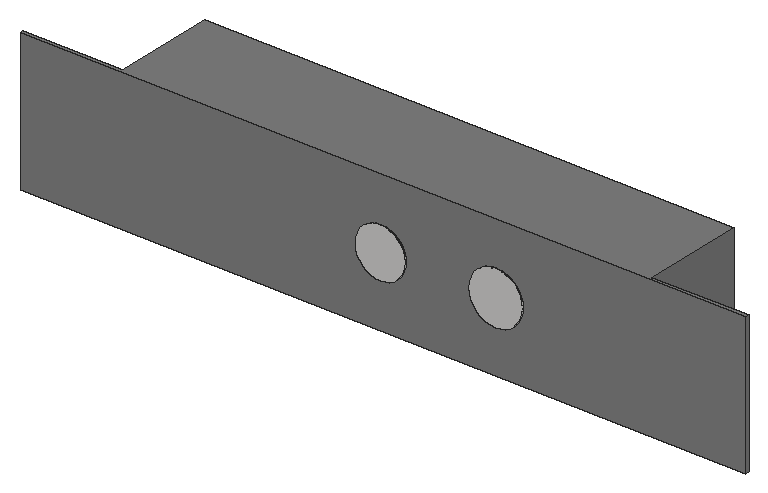
Revit family "1500", category Generic Models, Revit 2021
Family settings
  Can host rebar = No
  Round Connector Dimension = Use Diameter
  Part Type = Normal
  Work Plane-Based = No
  Always vertical = Yes
  Cut with Voids When Loaded = No
  Shared = No
  Room Calculation Point = No
Parameters
  e-mail = "info@vola.com"
  URL = "http://vola.com"
  Telephone = "+45 7023 5500"
  Quality management standard = "ISO 9001"
  Organisation no. / DUNS no. = "17531328"
  Occupational health and safety management standard = "ISO 18001"
  Mounting Instructions = "http://vola.com/service/producturl.ashx?name=1500"
  Model = "1500"
  Materials and components information = "http://vola.com/service/producturl.ashx?name=1500"
  Manufacturer = "VOLA A/S"
  Maintenance Instructions = "http://vola.com/service/producturl.ashx?name=1500"
  Guarantee = "2 years"
  Flow = "64,00 l/min"
  Environmental management standard = "ISO 14000"
  Default Elevation = 0.00 mm
  Connection - All relevant connections = ""
  Approvals = "http://vola.com/service/producturl.ashx?name=1500"
Reference planes
  plane 1 "Center (Front/Back)": y = 0
  plane 2: z = 0
  plane 3 "Center (Left/Right)": x = 0
  plane 4 "Inlet Center Plane": y = -23.5
  plane 5: z = 55
Forms (mm)
  Extrusion 1, solid, material "Default"
    sketch origin (10, 0, -14) x (1, 0, 0) y (0, 1, 0)
      loop
        line (-186.5, 0) -> (-186.5, -69) -> (171.5, -69) -> (171.5, 0) -> (-186.5, 0)
    from 21.5 to 116.5
  Extrusion 2, solid, material "Default"
    sketch origin (10, -1, -14) x (1, 0, 0) y (0, 1, 0)
      loop
        line (-254, -68) -> (-254, -70.5) -> (236.5, -70.5) -> (236.5, -68) -> (-254, -68)
    from 21.5 to 116.5
  Extrusion 3, solid, material "Stainless Steel"
    sketch origin (-66, 1.5, 7.5) x (0, 1, 0) y (1, 0, 0)
      loop
        circle (-25, -12) r 14
    from 0 to 7.5
  Extrusion 4, solid, material "Stainless Steel"
    sketch origin (90, 1.5, 7.5) x (0, 1, 0) y (1, 0, 0)
      loop
        circle (-25, -12) r 14
    from 0 to 7.5
  Extrusion 5, solid, material "Stainless Steel"
    sketch origin (65.5, -71.5, -14) x (-1, 0, 0) y (0, 0, -1)
      loop
        circle (-12.5, -69) r 18
    from 0 to 0.42
  Extrusion 6, solid, material "Stainless Steel"
    sketch origin (-12.5, -71.5, -14) x (-1, 0, 0) y (0, 0, -1)
      loop
        circle (-12.5, -69) r 17
    from 0 to 0.42
Cuts and joins
  joined: Extrusion 1, Extrusion 2
Lines and regions (mm)
  reference lines
    curve 1: line (-78, -23.5, 55) -> (-78, -108.5, 55)
    curve 2: line (-78, -23.5, 55) -> (-78, -23.5, -44)
    curve 3: line (78, -23.5, 55) -> (78, -108.5, 55)
    curve 4: line (78, -23.5, 55) -> (78, -23.5, -44)
    curve 5: line (0, -23.5, 55) -> (0, -108.5, 55)
Dimensions and locks
  aligned and locked: plane 2 to level
  aligned and locked: Extrusion 1 to Extrusion 2
  aligned and locked: Extrusion 2 to Extrusion 1
